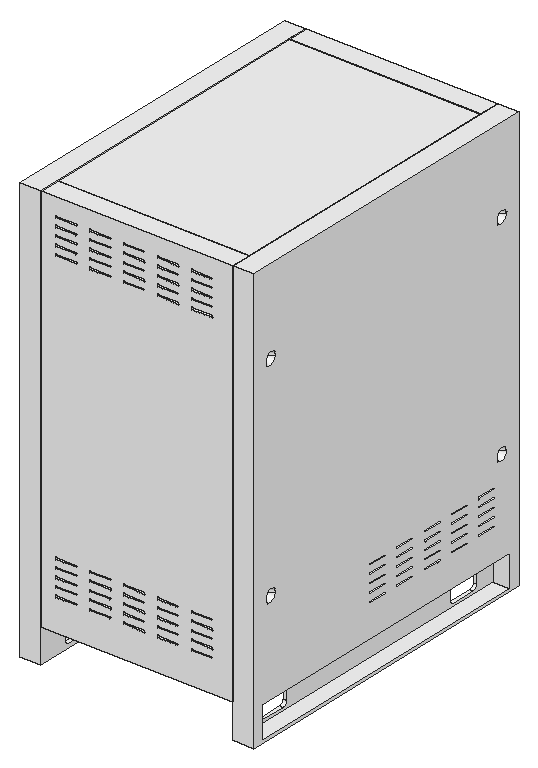
Revit family "Water Cooled_VRF_Outdoor_8-10-12HP - 220V", category Equipamento mecânico, Revit 2019
Family settings
  Cota do conector redondo = Usar raio
  Tipo de parte = Normal
  Número OmniClass = 23.75.00.00
  Título OmniClass = Climate Control (HVAC)
  Com base no plano de trabalho = Não
  Sempre na vertical = Sim
  Corte com vazios quando carregada = Não
  Compartilhado = Não
  Ponto de cálculo do ambiente = Não
Parameters (values of type "4TWH0086B6")
  clearance access right = 100.000 mm
  clearance access left = 100.000 mm
  clearance access front = 900.000 mm
  clearance access behind = 900.000 mm
  clearance [instance] = no
  Width = 780.000 mm
  Series = "TVR II"
  Rated water flow volume = 5.400 m³/h
  Power supply = "220-240V 3N~60Hz"
  Net Weight = 146.00 kg
  Modelo = "4TWH0086B6"
  Minimum Circuit Amps = 32.2 A
  Maximum Fuse Amps = 40 A
  Fabricante = "TRANE"
  Liquid pipe radius = 0.5 * Liquid pipe  # 6.350 mm
  Liquid pipe = 12.700 mm
  Installation = "Outdoor installation"
  Height = 1000.000 mm
  Heating Power Input = 4.45 kW
  Heating Capacity = 27.00 kW
  Gas pipe radius = 0.5 * Gas pipe  # 12.700 mm
  Gas pipe = 25.400 mm
  Gas = "R410A"
  Descrição = "High efficiency water cooled"
  Depth = 550.000 mm
  Cooling Power Input = 4.80 kW
  Cooling Capacity = 25.20 kW
  Condensation = "Water"
  Compressor = "1"
  Casing color = "PANTONE warm gray 2c"
Types (4, lengths in mm): name | Rated water flow volume | Net Weight | Modelo | Minimum Circuit Amps | Liquid pipe radius | Liquid pipe | Heating Power Input | Heating Capacity | Gas pipe radius | Gas pipe | Cooling Power Input | Cooling Capacity
  (no name) | 5.400 m³/h | 146.00 kg | "4TWH0086B6" | 32.2 A | 6.350 | 12.700 | 4.45 kW | 27.00 kW | 12.700 | 25.400 | 4.80 kW | 25.20 kW
  4TWH0086B6 | 5.400 m³/h | 146.00 kg | "4TWH0086B6" | 32.2 A | 6.350 | 12.700 | 4.45 kW | 27.00 kW | 12.700 | 25.400 | 4.80 kW | 25.20 kW
  4TWH0096B6 | 6.000 m³/h | 146.00 kg | "4TWH0096B6" | 33.4 A | 6.350 | 12.700 | 5.83 kW | 31.50 kW | 12.700 | 25.400 | 6.10 kW | 28.00 kW
  4TWH0115B6 | 7.200 m³/h | 147.00 kg | "4TWH0115B6" | 34.5 A | 7.950 | 15.900 | 7.80 kW | 37.50 kW | 15.900 | 31.800 | 8.00 kW | 33.50 kW
Reference planes
  plane 1 "Center (Front/Back)": y = 0
  plane 2: z = 0
  plane 3 "Center (Left/Right)": x = 0
Forms (mm)
  Extrusion 1, solid, material "Midea White", detail levels fine
    sketch origin (500, 500, 0) x (0, -1, 0) y (0, 0, -1)
      loop
        line (-190.571, -499.619) -> (-130.571, -499.619)
        arc (-130.571, -499.619) -> (-80.571, -449.619) -> (-130.571, -399.619) r 50
        line (-130.571, -399.619) -> (-190.571, -399.619) -> (-190.571, -499.619)
    from -500 to -450
  Extrusion 2, solid, material "Midea White", detail levels fine
    sketch origin (500, 500, -135) x (0, -1, 0) y (0, 0, -1)
      loop
        line (-190.571, -499.619) -> (-130.571, -499.619)
        arc (-130.571, -499.619) -> (-80.571, -449.619) -> (-130.571, -399.619) r 50
        line (-130.571, -399.619) -> (-190.571, -399.619) -> (-190.571, -499.619)
    from -500 to -450
  Extrusion 3, solid, material "Midea White", detail levels fine
    sketch origin (500, 500, 0) x (0, -1, 0) y (0, 0, -1)
      loop
        circle (-141.454, -467.546) r 6.35
    from -500 to -365
  Extrusion 4, solid, material "Midea White", detail levels fine
    sketch origin (500, 493.75, 0) x (0, -1, 0) y (0, 0, -1)
      loop
        circle (-147.484, -434.752) r 12.7
    from -500 to -365
Lines and regions (mm)
  model lines
    curve 1: line (550, 0, 1000) -> (0, 0, 1000)
    curve 2: line (0, 0, 1000) -> (0, 780, 1000)
    curve 3: line (0, 780, 1000) -> (550, 780, 1000)
    curve 4: line (550, 780, 1000) -> (550, 0, 1000)
    curve 6: line (550, 780, 0) -> (550, 0, 0)
    curve 8: line (0, 0, 0) -> (0, 780, 0)
    curve 9: line (550, 780, 1000) -> (550, 780, 0)
    curve 10: line (0, 780, 1000) -> (0, 780, 0)
    curve 11: line (0, 0, 1000) -> (0, 0, 0)
    curve 12: line (550, 0, 0) -> (550, 0, 1000)
  model lines, detail levels coarse
    curve 5: line (0, 780, 0) -> (550, 780, 0)
    curve 7: line (550, 0, 0) -> (0, 0, 0)
Dimensions and locks
  aligned and locked: level to plane 2
Nested families
  nested 1: "daikongpingban-HXL" at (50, 780, 0) x (0, -1, 0) z (0, 0, 1), type "daikongpingban-HXL", detail levels medium+fine
    with Width 780.000 mm, Height 1000.000 mm, Depth 20.000 mm
  nested 2: "daikongpingban-HXL" at (500, 780, 0) x (0, -1, 0) z (0, 0, 1), type "daikongpingban-HXL", detail levels medium+fine
    with Width 780.000 mm, Height 1000.000 mm, Depth 20.000 mm
  nested 3: "daikongpingban2-HXL" at (500, 730, 0) x (-1, 0, 0) z (0, 0, 1), type "daikongpingban2-HXL", detail levels medium+fine
    with Width 780.000 mm, Height 1000.000 mm, Depth 20.000 mm
  nested 4: "daikongpingban2-HXL" at (500, 50, 0) x (-1, 0, 0) z (0, 0, 1), type "daikongpingban2-HXL", detail levels medium+fine
    with Width 780.000 mm, Height 1000.000 mm, Depth 20.000 mm
  nested 5: "pingban-HXL" at (50, 730, 80), type "pingban-HXL", detail levels medium+fine
    with Width 450.000 mm, Height 20.000 mm, Depth 680.000 mm
  nested 6: "pingban-HXL" at (50, 730, 980), type "pingban-HXL", detail levels medium+fine
    with Width 450.000 mm, Height 20.000 mm, Depth 680.000 mm
Connectors
  electrical at (0, 660.571, 314.619)
    settings: on Extrusion 2, index 1, voltage 380 V, apparent load 0 VA, apparent load phase1 0 VA, apparent load phase2 0 VA, apparent load phase3 0 VA, power factor 1, load classification "HVAC", number of poles 1, system type 30, power factor state 1, is connector primary yes, connector utility no, sub classification motor no, connector description ""
  piping at (0, 641.454, 467.546), diameter 12.7, driven by "Liquid pipe radius"
    settings: on Extrusion 3, index 2, connector inside diameter 0.62598", connector length 0.000 mm, flow factor 0, pipe flow 0.000 m³/h, pressure drop 0.00 psi, fitting loss kfactor 0, connector angle 0.00°, fixture units 0, engagement length 0.000 mm, angle of deflection 0.00°, flow configuration 0, flow direction 0, fitting loss method 0, system type 19, joint type 0, gender type 0, connector reference index -1, connector utility 0, adjustable connector no, is connector primary yes, connector description ""
  piping at (0, 641.234, 434.752), diameter 25.4, driven by "Gas pipe radius"
    settings: on Extrusion 4, index 3, connector inside diameter 1.25197", connector length 0.000 mm, flow factor 0, pipe flow 0.000 m³/h, pressure drop 0.00 psi, fitting loss kfactor 0, connector angle 0.00°, fixture units 0, engagement length 0.000 mm, angle of deflection 0.00°, flow configuration 0, flow direction 0, fitting loss method 0, system type 19, joint type 0, gender type 0, connector reference index -1, connector utility 0, adjustable connector no, is connector primary no, connector description ""
Definition of nested family "daikongpingban-HXL"
  Parameters
    Width [instance] = 780.000 mm
    Series = ""
    Machine material = none
    Installation = ""
    Height [instance] = 1000.000 mm
    Gas = ""
    Depth [instance] = 20.000 mm
    Condensation = ""
  Reference planes
    plane 1 "Center (Front/Back)": y = 0
    plane 2: z = 0
    plane 3 "Center (Left/Right)": x = 0
    plane 4: z = 60
    plane 5: z = 10
    plane 6: x = 710
    plane 7: x = 70
    plane 8: x = 630
  Forms (mm)
    Extrusion 1, solid, material <- "Machine material"
      sketch origin (0, 0, 0) x (1, 0, 0) y (0, 0, 1)
        loop
          line (0, 1000) -> (0, 0) -> (780, 0) -> (780, 1000) -> (0, 1000)
      from 0 to 50
    Blend 2, void
      base sketch origin (0, -10, 1000) x (0, 0, -1) y (1, 0, 0)
        loop
          circle (200, 50) r 5
      top sketch origin (0, -10, 1000) x (0, 0, -1) y (1, 0, 0)
        loop
          circle (200, 50) r 15
      from 15 to 40
    Blend 3, void
      base sketch origin (680, -10, 1000) x (0, 0, -1) y (1, 0, 0)
        loop
          circle (200, 50) r 5
      top sketch origin (680, -10, 1000) x (0, 0, -1) y (1, 0, 0)
        loop
          circle (200, 50) r 15
      from 15 to 40
    Blend 4, void
      base sketch origin (0, -10, 500) x (0, 0, -1) y (1, 0, 0)
        loop
          circle (200, 50) r 5
      top sketch origin (0, -10, 500) x (0, 0, -1) y (1, 0, 0)
        loop
          circle (200, 50) r 15
      from 15 to 40
    Blend 5, void
      base sketch origin (680, -10, 500) x (0, 0, -1) y (1, 0, 0)
        loop
          circle (200, 50) r 5
      top sketch origin (680, -10, 500) x (0, 0, -1) y (1, 0, 0)
        loop
          circle (200, 50) r 15
      from 15 to 40
    Extrusion 6, void
      sketch origin (0, -10, 1000) x (0, 0, 1) y (1, 0, 0)
        loop
          line (-940, 80) -> (-940, 140)
          arc (-940, 140) -> (-942.929, 147.071) -> (-950, 150) r 10
          line (-950, 150) -> (-980, 150)
          arc (-980, 150) -> (-987.071, 147.071) -> (-990, 140) r 10
          line (-990, 140) -> (-990, 80)
          arc (-990, 80) -> (-987.071, 72.929) -> (-980, 70) r 10
          line (-980, 70) -> (-950, 70)
          arc (-950, 70) -> (-942.929, 72.929) -> (-940, 80) r 10
        loop
          line (-940, 640) -> (-940, 700)
          arc (-940, 700) -> (-942.929, 707.071) -> (-950, 710) r 10
          line (-950, 710) -> (-980, 710)
          arc (-980, 710) -> (-987.071, 707.071) -> (-990, 700) r 10
          line (-990, 700) -> (-990, 640)
          arc (-990, 640) -> (-987.071, 632.929) -> (-980, 630) r 10
          line (-980, 630) -> (-950, 630)
          arc (-950, 630) -> (-942.929, 632.929) -> (-940, 640) r 10
      from -40 to 10
    Extrusion 7, void
      sketch origin (0, 0, 0) x (0, 1, 0) y (0, 0, 1)
        loop
          line (-50, 80) -> (-50, 4.492) -> (-8.553, 4.492) -> (-8.553, 80) -> (-50, 80)
      from 24.907 to 755.35
    Extrusion 8, void
      sketch origin (500, 500, 0) x (0, -1, 0) y (0, 0, -1)
        loop
          line (550, -240) -> (550, -235)
          arc (550, -235) -> (546.464, -236.464) -> (545, -240) r 5
          line (545, -240) -> (550, -240)
      from -430 to -380
    Extrusion 9, void
      sketch origin (580, 500, 0) x (0, -1, 0) y (0, 0, -1)
        loop
          line (550, -240) -> (550, -235)
          arc (550, -235) -> (546.464, -236.464) -> (545, -240) r 5
          line (545, -240) -> (550, -240)
      from -430 to -380
    Extrusion 10, void
      sketch origin (660, 500, 0) x (0, -1, 0) y (0, 0, -1)
        loop
          line (550, -240) -> (550, -235)
          arc (550, -235) -> (546.464, -236.464) -> (545, -240) r 5
          line (545, -240) -> (550, -240)
      from -430 to -380
    Extrusion 11, void
      sketch origin (740, 500, 0) x (0, -1, 0) y (0, 0, -1)
        loop
          line (550, -240) -> (550, -235)
          arc (550, -235) -> (546.464, -236.464) -> (545, -240) r 5
          line (545, -240) -> (550, -240)
      from -430 to -380
    Extrusion 12, void
      sketch origin (820, 500, 0) x (0, -1, 0) y (0, 0, -1)
        loop
          line (550, -240) -> (550, -235)
          arc (550, -235) -> (546.464, -236.464) -> (545, -240) r 5
          line (545, -240) -> (550, -240)
      from -430 to -380
    Extrusion 13, void
      sketch origin (500, 500, -20) x (0, -1, 0) y (0, 0, -1)
        loop
          line (550, -240) -> (550, -235)
          arc (550, -235) -> (546.464, -236.464) -> (545, -240) r 5
          line (545, -240) -> (550, -240)
      from -430 to -380
    Extrusion 14, void
      sketch origin (580, 500, -20) x (0, -1, 0) y (0, 0, -1)
        loop
          line (550, -240) -> (550, -235)
          arc (550, -235) -> (546.464, -236.464) -> (545, -240) r 5
          line (545, -240) -> (550, -240)
      from -430 to -380
    Extrusion 15, void
      sketch origin (660, 500, -20) x (0, -1, 0) y (0, 0, -1)
        loop
          line (550, -240) -> (550, -235)
          arc (550, -235) -> (546.464, -236.464) -> (545, -240) r 5
          line (545, -240) -> (550, -240)
      from -430 to -380
    Extrusion 16, void
      sketch origin (740, 500, -20) x (0, -1, 0) y (0, 0, -1)
        loop
          line (550, -240) -> (550, -235)
          arc (550, -235) -> (546.464, -236.464) -> (545, -240) r 5
          line (545, -240) -> (550, -240)
      from -430 to -380
    Extrusion 17, void
      sketch origin (820, 500, -20) x (0, -1, 0) y (0, 0, -1)
        loop
          line (550, -240) -> (550, -235)
          arc (550, -235) -> (546.464, -236.464) -> (545, -240) r 5
          line (545, -240) -> (550, -240)
      from -430 to -380
    Extrusion 18, void
      sketch origin (500, 500, -40) x (0, -1, 0) y (0, 0, -1)
        loop
          line (550, -240) -> (550, -235)
          arc (550, -235) -> (546.464, -236.464) -> (545, -240) r 5
          line (545, -240) -> (550, -240)
      from -430 to -380
    Extrusion 19, void
      sketch origin (580, 500, -40) x (0, -1, 0) y (0, 0, -1)
        loop
          line (550, -240) -> (550, -235)
          arc (550, -235) -> (546.464, -236.464) -> (545, -240) r 5
          line (545, -240) -> (550, -240)
      from -430 to -380
    Extrusion 20, void
      sketch origin (660, 500, -40) x (0, -1, 0) y (0, 0, -1)
        loop
          line (550, -240) -> (550, -235)
          arc (550, -235) -> (546.464, -236.464) -> (545, -240) r 5
          line (545, -240) -> (550, -240)
      from -430 to -380
    Extrusion 21, void
      sketch origin (740, 500, -40) x (0, -1, 0) y (0, 0, -1)
        loop
          line (550, -240) -> (550, -235)
          arc (550, -235) -> (546.464, -236.464) -> (545, -240) r 5
          line (545, -240) -> (550, -240)
      from -430 to -380
    Extrusion 22, void
      sketch origin (820, 500, -40) x (0, -1, 0) y (0, 0, -1)
        loop
          line (550, -240) -> (550, -235)
          arc (550, -235) -> (546.464, -236.464) -> (545, -240) r 5
          line (545, -240) -> (550, -240)
      from -430 to -380
    Extrusion 23, void
      sketch origin (500, 500, -60) x (0, -1, 0) y (0, 0, -1)
        loop
          line (550, -240) -> (550, -235)
          arc (550, -235) -> (546.464, -236.464) -> (545, -240) r 5
          line (545, -240) -> (550, -240)
      from -430 to -380
    Extrusion 24, void
      sketch origin (580, 500, -60) x (0, -1, 0) y (0, 0, -1)
        loop
          line (550, -240) -> (550, -235)
          arc (550, -235) -> (546.464, -236.464) -> (545, -240) r 5
          line (545, -240) -> (550, -240)
      from -430 to -380
    Extrusion 25, void
      sketch origin (660, 500, -60) x (0, -1, 0) y (0, 0, -1)
        loop
          line (550, -240) -> (550, -235)
          arc (550, -235) -> (546.464, -236.464) -> (545, -240) r 5
          line (545, -240) -> (550, -240)
      from -430 to -380
    Extrusion 26, void
      sketch origin (740, 500, -60) x (0, -1, 0) y (0, 0, -1)
        loop
          line (550, -240) -> (550, -235)
          arc (550, -235) -> (546.464, -236.464) -> (545, -240) r 5
          line (545, -240) -> (550, -240)
      from -430 to -380
    Extrusion 27, void
      sketch origin (820, 500, -60) x (0, -1, 0) y (0, 0, -1)
        loop
          line (550, -240) -> (550, -235)
          arc (550, -235) -> (546.464, -236.464) -> (545, -240) r 5
          line (545, -240) -> (550, -240)
      from -430 to -380
    Extrusion 28, void
      sketch origin (500, 500, -80) x (0, -1, 0) y (0, 0, -1)
        loop
          line (550, -240) -> (550, -235)
          arc (550, -235) -> (546.464, -236.464) -> (545, -240) r 5
          line (545, -240) -> (550, -240)
      from -430 to -380
    Extrusion 29, void
      sketch origin (580, 500, -80) x (0, -1, 0) y (0, 0, -1)
        loop
          line (550, -240) -> (550, -235)
          arc (550, -235) -> (546.464, -236.464) -> (545, -240) r 5
          line (545, -240) -> (550, -240)
      from -430 to -380
    Extrusion 30, void
      sketch origin (660, 500, -80) x (0, -1, 0) y (0, 0, -1)
        loop
          line (550, -240) -> (550, -235)
          arc (550, -235) -> (546.464, -236.464) -> (545, -240) r 5
          line (545, -240) -> (550, -240)
      from -430 to -380
    Extrusion 31, void
      sketch origin (740, 500, -80) x (0, -1, 0) y (0, 0, -1)
        loop
          line (550, -240) -> (550, -235)
          arc (550, -235) -> (546.464, -236.464) -> (545, -240) r 5
          line (545, -240) -> (550, -240)
      from -430 to -380
    Extrusion 32, void
      sketch origin (820, 500, -80) x (0, -1, 0) y (0, 0, -1)
        loop
          line (550, -240) -> (550, -235)
          arc (550, -235) -> (546.464, -236.464) -> (545, -240) r 5
          line (545, -240) -> (550, -240)
      from -430 to -380
  Cuts and joins
    Blend 2, Blend 3, Blend 4, Blend 5, Extrusion 6, Extrusion 7, Extrusion 8, Extrusion 9, Extrusion 10, Extrusion 11, Extrusion 12, Extrusion 13, Extrusion 14, Extrusion 15, Extrusion 16, Extrusion 17, Extrusion 18, Extrusion 19, Extrusion 20, Extrusion 21, Extrusion 22, Extrusion 23, Extrusion 24, Extrusion 25, Extrusion 26, Extrusion 27, Extrusion 28, Extrusion 29, Extrusion 30, Extrusion 31, Extrusion 32 cuts Extrusion 1
  Dimensions and locks
    aligned and locked: level to plane 2
Definition of nested family "daikongpingban2-HXL"
  Parameters
    Width [instance] = 780.000 mm
    Series = ""
    Machine material = none
    Installation = ""
    Height [instance] = 1000.000 mm
    Gas = ""
    Depth [instance] = 20.000 mm
    Condensation = ""
  Reference planes
    plane 1 "Center (Front/Back)": y = 0
    plane 2: z = 0
    plane 3 "Center (Left/Right)": x = 0
    plane 4: z = 80
    plane 5: x = 450
  Forms (mm)
    Extrusion 1, solid, material <- "Machine material"
      sketch origin (0, 0, 0) x (1, 0, 0) y (0, 0, 1)
        loop
          line (0, 1000) -> (0, 80) -> (450, 80) -> (450, 1000) -> (0, 1000)
      from 0 to 50
    Extrusion 2, void
      sketch origin (475, 500, 0) x (0, -1, 0) y (0, 0, -1)
        loop
          line (550, -240) -> (550, -235)
          arc (550, -235) -> (546.464, -236.464) -> (545, -240) r 5
          line (545, -240) -> (550, -240)
      from -430 to -380
    Extrusion 3, void
      sketch origin (555, 500, 0) x (0, -1, 0) y (0, 0, -1)
        loop
          line (550, -240) -> (550, -235)
          arc (550, -235) -> (546.464, -236.464) -> (545, -240) r 5
          line (545, -240) -> (550, -240)
      from -430 to -380
    Extrusion 4, void
      sketch origin (635, 500, 0) x (0, -1, 0) y (0, 0, -1)
        loop
          line (550, -240) -> (550, -235)
          arc (550, -235) -> (546.464, -236.464) -> (545, -240) r 5
          line (545, -240) -> (550, -240)
      from -430 to -380
    Extrusion 5, void
      sketch origin (715, 500, 0) x (0, -1, 0) y (0, 0, -1)
        loop
          line (550, -240) -> (550, -235)
          arc (550, -235) -> (546.464, -236.464) -> (545, -240) r 5
          line (545, -240) -> (550, -240)
      from -430 to -380
    Extrusion 6, void
      sketch origin (795, 500, 0) x (0, -1, 0) y (0, 0, -1)
        loop
          line (550, -240) -> (550, -235)
          arc (550, -235) -> (546.464, -236.464) -> (545, -240) r 5
          line (545, -240) -> (550, -240)
      from -430 to -380
    Extrusion 7, void
      sketch origin (475, 500, -20) x (0, -1, 0) y (0, 0, -1)
        loop
          line (550, -240) -> (550, -235)
          arc (550, -235) -> (546.464, -236.464) -> (545, -240) r 5
          line (545, -240) -> (550, -240)
      from -430 to -380
    Extrusion 8, void
      sketch origin (555, 500, -20) x (0, -1, 0) y (0, 0, -1)
        loop
          line (550, -240) -> (550, -235)
          arc (550, -235) -> (546.464, -236.464) -> (545, -240) r 5
          line (545, -240) -> (550, -240)
      from -430 to -380
    Extrusion 9, void
      sketch origin (635, 500, -20) x (0, -1, 0) y (0, 0, -1)
        loop
          line (550, -240) -> (550, -235)
          arc (550, -235) -> (546.464, -236.464) -> (545, -240) r 5
          line (545, -240) -> (550, -240)
      from -430 to -380
    Extrusion 10, void
      sketch origin (715, 500, -20) x (0, -1, 0) y (0, 0, -1)
        loop
          line (550, -240) -> (550, -235)
          arc (550, -235) -> (546.464, -236.464) -> (545, -240) r 5
          line (545, -240) -> (550, -240)
      from -430 to -380
    Extrusion 11, void
      sketch origin (795, 500, -20) x (0, -1, 0) y (0, 0, -1)
        loop
          line (550, -240) -> (550, -235)
          arc (550, -235) -> (546.464, -236.464) -> (545, -240) r 5
          line (545, -240) -> (550, -240)
      from -430 to -380
    Extrusion 12, void
      sketch origin (475, 500, -40) x (0, -1, 0) y (0, 0, -1)
        loop
          line (550, -240) -> (550, -235)
          arc (550, -235) -> (546.464, -236.464) -> (545, -240) r 5
          line (545, -240) -> (550, -240)
      from -430 to -380
    Extrusion 13, void
      sketch origin (555, 500, -40) x (0, -1, 0) y (0, 0, -1)
        loop
          line (550, -240) -> (550, -235)
          arc (550, -235) -> (546.464, -236.464) -> (545, -240) r 5
          line (545, -240) -> (550, -240)
      from -430 to -380
    Extrusion 14, void
      sketch origin (635, 500, -40) x (0, -1, 0) y (0, 0, -1)
        loop
          line (550, -240) -> (550, -235)
          arc (550, -235) -> (546.464, -236.464) -> (545, -240) r 5
          line (545, -240) -> (550, -240)
      from -430 to -380
    Extrusion 15, void
      sketch origin (715, 500, -40) x (0, -1, 0) y (0, 0, -1)
        loop
          line (550, -240) -> (550, -235)
          arc (550, -235) -> (546.464, -236.464) -> (545, -240) r 5
          line (545, -240) -> (550, -240)
      from -430 to -380
    Extrusion 16, void
      sketch origin (795, 500, -40) x (0, -1, 0) y (0, 0, -1)
        loop
          line (550, -240) -> (550, -235)
          arc (550, -235) -> (546.464, -236.464) -> (545, -240) r 5
          line (545, -240) -> (550, -240)
      from -430 to -380
    Extrusion 17, void
      sketch origin (475, 500, -60) x (0, -1, 0) y (0, 0, -1)
        loop
          line (550, -240) -> (550, -235)
          arc (550, -235) -> (546.464, -236.464) -> (545, -240) r 5
          line (545, -240) -> (550, -240)
      from -430 to -380
    Extrusion 18, void
      sketch origin (555, 500, -60) x (0, -1, 0) y (0, 0, -1)
        loop
          line (550, -240) -> (550, -235)
          arc (550, -235) -> (546.464, -236.464) -> (545, -240) r 5
          line (545, -240) -> (550, -240)
      from -430 to -380
    Extrusion 19, void
      sketch origin (635, 500, -60) x (0, -1, 0) y (0, 0, -1)
        loop
          line (550, -240) -> (550, -235)
          arc (550, -235) -> (546.464, -236.464) -> (545, -240) r 5
          line (545, -240) -> (550, -240)
      from -430 to -380
    Extrusion 20, void
      sketch origin (715, 500, -60) x (0, -1, 0) y (0, 0, -1)
        loop
          line (550, -240) -> (550, -235)
          arc (550, -235) -> (546.464, -236.464) -> (545, -240) r 5
          line (545, -240) -> (550, -240)
      from -430 to -380
    Extrusion 21, void
      sketch origin (795, 500, -60) x (0, -1, 0) y (0, 0, -1)
        loop
          line (550, -240) -> (550, -235)
          arc (550, -235) -> (546.464, -236.464) -> (545, -240) r 5
          line (545, -240) -> (550, -240)
      from -430 to -380
    Extrusion 22, void
      sketch origin (475, 500, -80) x (0, -1, 0) y (0, 0, -1)
        loop
          line (550, -240) -> (550, -235)
          arc (550, -235) -> (546.464, -236.464) -> (545, -240) r 5
          line (545, -240) -> (550, -240)
      from -430 to -380
    Extrusion 23, void
      sketch origin (555, 500, -80) x (0, -1, 0) y (0, 0, -1)
        loop
          line (550, -240) -> (550, -235)
          arc (550, -235) -> (546.464, -236.464) -> (545, -240) r 5
          line (545, -240) -> (550, -240)
      from -430 to -380
    Extrusion 24, void
      sketch origin (635, 500, -80) x (0, -1, 0) y (0, 0, -1)
        loop
          line (550, -240) -> (550, -235)
          arc (550, -235) -> (546.464, -236.464) -> (545, -240) r 5
          line (545, -240) -> (550, -240)
      from -430 to -380
    Extrusion 25, void
      sketch origin (715, 500, -80) x (0, -1, 0) y (0, 0, -1)
        loop
          line (550, -240) -> (550, -235)
          arc (550, -235) -> (546.464, -236.464) -> (545, -240) r 5
          line (545, -240) -> (550, -240)
      from -430 to -380
    Extrusion 26, void
      sketch origin (795, 500, -80) x (0, -1, 0) y (0, 0, -1)
        loop
          line (550, -240) -> (550, -235)
          arc (550, -235) -> (546.464, -236.464) -> (545, -240) r 5
          line (545, -240) -> (550, -240)
      from -430 to -380
    Extrusion 27, void
      sketch origin (475, 500, 720) x (0, -1, 0) y (0, 0, -1)
        loop
          line (550, -240) -> (550, -235)
          arc (550, -235) -> (546.464, -236.464) -> (545, -240) r 5
          line (545, -240) -> (550, -240)
      from -430 to -380
    Extrusion 28, void
      sketch origin (555, 500, 720) x (0, -1, 0) y (0, 0, -1)
        loop
          line (550, -240) -> (550, -235)
          arc (550, -235) -> (546.464, -236.464) -> (545, -240) r 5
          line (545, -240) -> (550, -240)
      from -430 to -380
    Extrusion 29, void
      sketch origin (635, 500, 720) x (0, -1, 0) y (0, 0, -1)
        loop
          line (550, -240) -> (550, -235)
          arc (550, -235) -> (546.464, -236.464) -> (545, -240) r 5
          line (545, -240) -> (550, -240)
      from -430 to -380
    Extrusion 30, void
      sketch origin (715, 500, 720) x (0, -1, 0) y (0, 0, -1)
        loop
          line (550, -240) -> (550, -235)
          arc (550, -235) -> (546.464, -236.464) -> (545, -240) r 5
          line (545, -240) -> (550, -240)
      from -430 to -380
    Extrusion 31, void
      sketch origin (795, 500, 720) x (0, -1, 0) y (0, 0, -1)
        loop
          line (550, -240) -> (550, -235)
          arc (550, -235) -> (546.464, -236.464) -> (545, -240) r 5
          line (545, -240) -> (550, -240)
      from -430 to -380
    Extrusion 32, void
      sketch origin (475, 500, 700) x (0, -1, 0) y (0, 0, -1)
        loop
          line (550, -240) -> (550, -235)
          arc (550, -235) -> (546.464, -236.464) -> (545, -240) r 5
          line (545, -240) -> (550, -240)
      from -430 to -380
    Extrusion 33, void
      sketch origin (555, 500, 700) x (0, -1, 0) y (0, 0, -1)
        loop
          line (550, -240) -> (550, -235)
          arc (550, -235) -> (546.464, -236.464) -> (545, -240) r 5
          line (545, -240) -> (550, -240)
      from -430 to -380
    Extrusion 34, void
      sketch origin (635, 500, 700) x (0, -1, 0) y (0, 0, -1)
        loop
          line (550, -240) -> (550, -235)
          arc (550, -235) -> (546.464, -236.464) -> (545, -240) r 5
          line (545, -240) -> (550, -240)
      from -430 to -380
    Extrusion 35, void
      sketch origin (715, 500, 700) x (0, -1, 0) y (0, 0, -1)
        loop
          line (550, -240) -> (550, -235)
          arc (550, -235) -> (546.464, -236.464) -> (545, -240) r 5
          line (545, -240) -> (550, -240)
      from -430 to -380
    Extrusion 36, void
      sketch origin (795, 500, 700) x (0, -1, 0) y (0, 0, -1)
        loop
          line (550, -240) -> (550, -235)
          arc (550, -235) -> (546.464, -236.464) -> (545, -240) r 5
          line (545, -240) -> (550, -240)
      from -430 to -380
    Extrusion 37, void
      sketch origin (475, 500, 680) x (0, -1, 0) y (0, 0, -1)
        loop
          line (550, -240) -> (550, -235)
          arc (550, -235) -> (546.464, -236.464) -> (545, -240) r 5
          line (545, -240) -> (550, -240)
      from -430 to -380
    Extrusion 38, void
      sketch origin (555, 500, 680) x (0, -1, 0) y (0, 0, -1)
        loop
          line (550, -240) -> (550, -235)
          arc (550, -235) -> (546.464, -236.464) -> (545, -240) r 5
          line (545, -240) -> (550, -240)
      from -430 to -380
    Extrusion 39, void
      sketch origin (635, 500, 680) x (0, -1, 0) y (0, 0, -1)
        loop
          line (550, -240) -> (550, -235)
          arc (550, -235) -> (546.464, -236.464) -> (545, -240) r 5
          line (545, -240) -> (550, -240)
      from -430 to -380
    Extrusion 40, void
      sketch origin (715, 500, 680) x (0, -1, 0) y (0, 0, -1)
        loop
          line (550, -240) -> (550, -235)
          arc (550, -235) -> (546.464, -236.464) -> (545, -240) r 5
          line (545, -240) -> (550, -240)
      from -430 to -380
    Extrusion 41, void
      sketch origin (795, 500, 680) x (0, -1, 0) y (0, 0, -1)
        loop
          line (550, -240) -> (550, -235)
          arc (550, -235) -> (546.464, -236.464) -> (545, -240) r 5
          line (545, -240) -> (550, -240)
      from -430 to -380
    Extrusion 42, void
      sketch origin (475, 500, 660) x (0, -1, 0) y (0, 0, -1)
        loop
          line (550, -240) -> (550, -235)
          arc (550, -235) -> (546.464, -236.464) -> (545, -240) r 5
          line (545, -240) -> (550, -240)
      from -430 to -380
    Extrusion 43, void
      sketch origin (555, 500, 660) x (0, -1, 0) y (0, 0, -1)
        loop
          line (550, -240) -> (550, -235)
          arc (550, -235) -> (546.464, -236.464) -> (545, -240) r 5
          line (545, -240) -> (550, -240)
      from -430 to -380
    Extrusion 44, void
      sketch origin (635, 500, 660) x (0, -1, 0) y (0, 0, -1)
        loop
          line (550, -240) -> (550, -235)
          arc (550, -235) -> (546.464, -236.464) -> (545, -240) r 5
          line (545, -240) -> (550, -240)
      from -430 to -380
    Extrusion 45, void
      sketch origin (715, 500, 660) x (0, -1, 0) y (0, 0, -1)
        loop
          line (550, -240) -> (550, -235)
          arc (550, -235) -> (546.464, -236.464) -> (545, -240) r 5
          line (545, -240) -> (550, -240)
      from -430 to -380
    Extrusion 46, void
      sketch origin (795, 500, 660) x (0, -1, 0) y (0, 0, -1)
        loop
          line (550, -240) -> (550, -235)
          arc (550, -235) -> (546.464, -236.464) -> (545, -240) r 5
          line (545, -240) -> (550, -240)
      from -430 to -380
    Extrusion 47, void
      sketch origin (475, 500, 640) x (0, -1, 0) y (0, 0, -1)
        loop
          line (550, -240) -> (550, -235)
          arc (550, -235) -> (546.464, -236.464) -> (545, -240) r 5
          line (545, -240) -> (550, -240)
      from -430 to -380
    Extrusion 48, void
      sketch origin (555, 500, 640) x (0, -1, 0) y (0, 0, -1)
        loop
          line (550, -240) -> (550, -235)
          arc (550, -235) -> (546.464, -236.464) -> (545, -240) r 5
          line (545, -240) -> (550, -240)
      from -430 to -380
    Extrusion 49, void
      sketch origin (635, 500, 640) x (0, -1, 0) y (0, 0, -1)
        loop
          line (550, -240) -> (550, -235)
          arc (550, -235) -> (546.464, -236.464) -> (545, -240) r 5
          line (545, -240) -> (550, -240)
      from -430 to -380
    Extrusion 50, void
      sketch origin (715, 500, 640) x (0, -1, 0) y (0, 0, -1)
        loop
          line (550, -240) -> (550, -235)
          arc (550, -235) -> (546.464, -236.464) -> (545, -240) r 5
          line (545, -240) -> (550, -240)
      from -430 to -380
    Extrusion 51, void
      sketch origin (795, 500, 640) x (0, -1, 0) y (0, 0, -1)
        loop
          line (550, -240) -> (550, -235)
          arc (550, -235) -> (546.464, -236.464) -> (545, -240) r 5
          line (545, -240) -> (550, -240)
      from -430 to -380
  Cuts and joins
    Extrusion 2, Extrusion 3, Extrusion 4, Extrusion 5, Extrusion 6, Extrusion 7, Extrusion 8, Extrusion 9, Extrusion 10, Extrusion 11, Extrusion 12, Extrusion 13, Extrusion 14, Extrusion 15, Extrusion 16, Extrusion 17, Extrusion 18, Extrusion 19, Extrusion 20, Extrusion 21, Extrusion 22, Extrusion 23, Extrusion 24, Extrusion 25, Extrusion 26, Extrusion 27, Extrusion 28, Extrusion 29, Extrusion 30, Extrusion 31, Extrusion 32, Extrusion 33, Extrusion 34, Extrusion 35, Extrusion 36, Extrusion 37, Extrusion 38, Extrusion 39, Extrusion 40, Extrusion 41, Extrusion 42, Extrusion 43, Extrusion 44, Extrusion 45, Extrusion 46, Extrusion 47, Extrusion 48, Extrusion 49, Extrusion 50, Extrusion 51 cuts Extrusion 1
  Dimensions and locks
    aligned and locked: level to plane 2
Definition of nested family "pingban-HXL"
  Parameters
    Width [instance] = 65.000 mm
    Series = ""
    Machine material = none
    Installation = ""
    Height [instance] = 100.000 mm
    Gas = ""
    Depth [instance] = 5.000 mm
    Condensation = ""
  Reference planes
    plane 1 "Center (Front/Back)": y = 0
    plane 2: z = 0
    plane 3 "Center (Left/Right)": x = 0
    plane 4: z = 160
    plane 5: x = 65
  Forms (mm)
    Extrusion 1, solid, material <- "Machine material"
      sketch origin (0, 0, 0) x (1, 0, 0) y (0, 0, 1)
        loop
          line (0, 100) -> (0, 0) -> (65, 0) -> (65, 100) -> (0, 100)
      from 0 to 5
  Dimensions and locks
    "Width": Extrusion 1 to plane 3 "Center (Left/Right)"
    "Height": Extrusion 1 to level
    "Depth": Extrusion 1 to plane 1 "Center (Front/Back)"
    aligned and locked: level to plane 2
  Automatic sketch dimensions
    Extrusion 1 sketch curve to plane 3 "Center (Left/Right)" = 0.000 mm
    Extrusion 1 sketch curve to level = 0.000 mm
    Extrusion 1 sketch curve to plane 5 = 0.000 mm
    Extrusion 1 sketch curve to plane 4 = 60.000 mm
